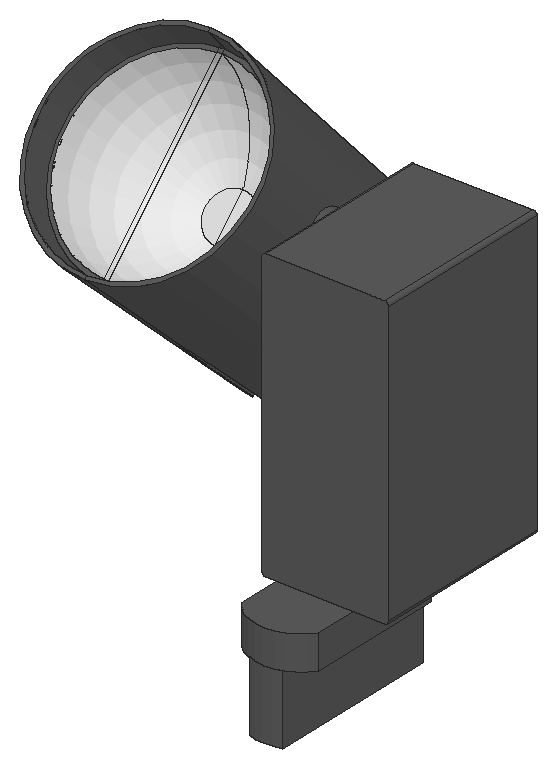
Revit family "0004850 Feilo Sylvania Lighting Fixture START TRACK SPOT S 24W 4K RA80 NB BLACK", category Lighting Fixtures, host Face, Revit 2017
Family settings
  Host = Face
  Round Connector Dimension = Use Diameter
  Part Type = Normal
  OmniClass Number = 23.80.70.00
  OmniClass Title = Lighting
  Cut with Voids When Loaded = No
  Light Source = No
  Shared = No
  Room Calculation Point = No
Parameters (values of type "0004850 START TRACK SPOT S 24W 4K RA80 NB BLACK")
  Weight = "0.966 kg"
  Wattage Comments = ""
  WarrantyStartDate [instance] = "n/a"
  WarrantyGuarantorParts = "n/a"
  WarrantyDurationUnit = "n/a"
  WarrantyDurationParts = "n/a"
  WarrantyDescription = "n/a"
  Voltage = 230 V
  URL = "http://www.sylvania-lighting.com"
  TypeName = "START TRACK SPOT S 24W 4K RA80 NB BLACK"
  TypeHead_FEILO = Start Track Spot Head : 0004850 START TRACK SPOT S 24W 4K RA80 NB BLACK
  TypeBox_FEILO = Start Track Spot Box : Type Small Black
  Type Image = <None>
  Type Comments = "n/a"
  VerticalRotation_FEILO [instance] = 0.00°
  SlideEndAngle_FEILO [instance] = VerticalRotation_FEILO + 180.00°  # 180.00°
  SerialNumber [instance] = "n/a"
  Material_3_FEILO = none
  PowerFactor = 0.95
  PowerConsumption = "24 W"
  NominalLength = 0 mm
  NominalHeight = 200 mm
  NominalDepth = 140 mm
  Name = "START TRACK SPOT S 24W 4K RA80 NB BLACK"
  ModelReference = Name  # "START TRACK SPOT S 24W 4K RA80 NB BLACK"
  ModelNumber = "0004850"
  Model = Name  # "START TRACK SPOT S 24W 4K RA80 NB BLACK"
  Material = "adc12 aluminium housing, polycarbonate diffuser"
  ManufacturerName = "Feilo Sylvania"
  Manufacturer = "Feilo Sylvania"
  LuminousEfficacy = "105 lm/W"
  LuminaireType = ""
  LightOutputRatio = "100"
  LampsType = Lamp  # "LED"
  LampNominalLuminous = "2529 lm"
  LampMacAdamStep = "3"
  LampColourTemperature = "4000 K"
  LampColourRenderingIndex = "80"
  Lamp = "LED"
  Keynote = "16500"
  InstallationDate [instance] = "n/a"
  InputVoltage = "230-240V~"
  InputNominalFrequency = "50/60 Hz"
  IngressProtection = "IP20"
  ImpactProtectionIndex = "IK02"
  IfcExportType = "IfcLightFixtureType"
  IfcExportAs = "IfcLightFixtureType"
  HorizontalRotation_FEILO [instance] = 45.00°
  ExpectedLife = 50000
  ElectricShockClassification = "Class II"
  DurationUnit = "hours"
  DocumentationLiterature = "http://www.sylvania-lighting.com/product/en-int/products/0004850"
  DimmingControlOptions = "Non dimmable"
  Material_2_FEILO = none
  Description = "Integrated LED spotlight, Textured Black - RAL9005, compact and minimalist design, ideal for retail applications, die-cast aluminium body, passive cooling heatsink. Beam angle: 12°, color temperature: 4000K , total system power: 24W, total fixture output: 2529 lm, LOR: 100%, colour rendering: Ra: 80 typical, LED Chromaticity: 3 step MacAdam ellipse, lifetime: >50000 hours at L70B50, energy class: A++, A+, A, IR/UV free light source without heat radiation, operating voltage: 220-240V / 50-60Hz, drive current: 600mA, electronic driver, non-dimmable, power factor: 0.95, electrical protection: Class II, Global Track 3 Phase adapter suitable for Global trac 3-circuit tracks, ingress protection rating: IP20, suitable for internal environment only, horizontal rotation: 355°, vertical tilt: 90°, dimensions: Ø86x140x200, weight: 0.966kg."
  Default Elevation = 1219.2 mm
  CreatedOn = "12/12/2017"
  CreatedBy = ""
  Cost = 0
  built-in parameter 1114216 [instance] = (empty or 0)
  ClassificationValue = "EF_70_80"
  ClassificationName = "Uniclass2015"
  Material_1_FEILO = Body-Sylvania-StartTrackSpot-Black
  BarCode [instance] = "n/a"
  AssetType = "Fixed"
  AssetIdentifier [instance] = "n/a"
  Assembly Code = "D5020200"
  Apparent Load = 24 VA
  Material_4_FEILO = none
Reference planes
  plane 1 "Center (Front/Back)": y = 0
  plane 2: z = 0
  plane 3 "Center (Left/Right)": x = 0
  plane 4: x = 15
  plane 5: x = -15
  plane 6: y = 35
  plane 7: y = -35
  plane 8: z = 13
  plane 9: z = -27
  plane 10: x = 6.5
  plane 11: x = -6.5
  plane 12: y = 27
  plane 13: y = -27
  plane 14: y = 20
Forms (mm)
  Extrusion 1, solid, material "Body-Sylvania-StartTrackSpot-Black" <- "Material_1_FEILO"
    sketch origin (0, 0, 0) x (1, 0, 0) y (0, 1, 0)
      loop
        line (-15, 27) -> (-15, -27)
        arc (-15, -27) -> (0, -35) -> (15, -27) r 18.062
        line (15, -27) -> (15, 27)
        arc (15, 27) -> (0, 35) -> (-15, 27) r 18.062
    from 0 to 13
  Extrusion 2, solid, material "Body-Sylvania-StartTrackSpot-Black" <- "Material_1_FEILO"
    sketch origin (0, 0, 0) x (1, 0, 0) y (0, 1, 0)
      loop
        arc (6.5, 33.79) -> (0, 35) -> (-6.5, 33.79) r 18.062
        line (-6.5, 33.79) -> (-6.5, -33.79)
        arc (-6.5, -33.79) -> (0, -35) -> (6.5, -33.79) r 18.062
        line (6.5, -33.79) -> (6.5, 33.79)
    from 0 to -27
  Revolve 3, solid, not visible
    sketch origin (1524, 20, 1219.2) x (1, 0, 0) y (0, 0, 1)
      loop
        line (-1524, -1206.2) -> (-1524, -1191.285) -> (-1530.5, -1191.285) -> (-1530.5, -1206.2) -> (-1524, -1206.2)
      axis (-1524, -1191.285) -> (-1524, -1206.2)
    angle from 0 <- "VerticalRotation_FEILO" to 180 <- "SlideEndAngle_FEILO"
Cuts and joins
  joined: Extrusion 1, Extrusion 2
Dimensions and locks
  equal spacing: plane 10, plane 3 "Center (Left/Right)", plane 11
  equal spacing: plane 4, plane 3 "Center (Left/Right)", plane 5
  locked: plane 8 to plane 2 at 13
  locked: plane 8 to plane 9 at 40
  equal spacing: plane 13, plane 1 "Center (Front/Back)", plane 12
  locked: plane 12 to plane 6 at 8
  locked: plane 14 to plane 6 at 15
  locked: Revolve 3 sketch curve to plane 8 at 14.915
  aligned and locked: plane 2 to host face
  aligned and locked: level to host face
  aligned and locked: plane 5 to Extrusion 1 sketch curve  (x2)
  aligned and locked: plane 12 to Extrusion 1 sketch curve
  aligned and locked: plane 13 to Extrusion 1 sketch curve
  aligned and locked: plane 4 to Extrusion 1 sketch curve
  aligned and locked: Extrusion 1 to plane 8
  aligned and locked: Extrusion 1 to level
  aligned and locked: Extrusion 2 sketch curve to Extrusion 1  (x2)
  aligned and locked: Extrusion 2 sketch curve to plane 11
  aligned and locked: plane 10 to Extrusion 2 sketch curve
  aligned and locked: plane 9 to Extrusion 2
  aligned and locked: level to Extrusion 2
  aligned and locked: Revolve 3 sketch curve to plane 3 "Center (Left/Right)"  (x2)
  aligned and locked: plane 11 to Revolve 3 sketch curve
  aligned and locked: Revolve 3 sketch curve to plane 8
Automatic sketch dimensions
  host sketch curve to host sketch curve = 2438.4 mm  (x2)
  Extrusion 1 sketch curve to plane 3 "Center (Left/Right)" = 0 mm  (x2)
  Extrusion 1 sketch curve to plane 13 = 10.062 mm
  plane 12 to Extrusion 1 sketch curve = 10.062 mm
  Revolve 3 sketch curve to plane 3 "Center (Left/Right)" = 0 mm
  plane 9 to Revolve 3 sketch curve = 582.6 mm
  Revolve 3 sketch curve to Revolve 3 sketch curve = 2581.144 mm
Nested families
  nested 1: "Start Track Spot Head" at (-62, 20, 112.529) x (0, 0.7071, 0.7071) z (0, 0.7071, -0.7071), type <- "TypeHead_FEILO", type "0004850 START TRACK SPOT S 24W 4K RA80 NB BLACK"
    with built-in parameter 1114216 (empty or 0)
  nested 2: "Start Track Spot Box" at (8.5, 20, 73) x (-1, 0, 0) z (0, -1, 0), BoxStartAngle_FEILO <- "HorizontalRotation_FEILO", type <- "TypeBox_FEILO", type "Type Small Black"
    with BoxStartAngle_FEILO 45.00°, BoxEndAngle_FEILO -135.00°
Connectors
  electrical at (0, 0, 0), driven by "Apparent Load", driven by "PowerFactor", driven by "Voltage"
    settings: index 1, voltage 230 V, apparent load 24 VA, apparent load phase1 0 VA, apparent load phase2 0 VA, apparent load phase3 0 VA, power factor 0.95, load classification "Lighting", number of poles 1, system type 30, power factor state 1, is connector primary yes, connector utility no, sub classification motor no, connector description ""
Definition of nested family "Start Track Spot Head"
  Parameters (values of type "0004811 START TRACK SPOT S 14W 3K RA80 NB WHITE")
    Wattage Comments = "n/a"
    Wattage = 14 W
    built-in parameter 1150110 = 1 (stored number, unit not read)
    URL = "http://www.feilosylvania.com"
    Type Image = (empty or 0)
    Type Comments = "n/a"
    built-in parameter 1114217 = 1 (stored number, unit not read)
    Tilt Angle = -90.00°
    built-in parameter 1150109 = 1 (stored number, unit not read)
    built-in parameter 1150134 = (empty or 0)
    built-in parameter 1150113 = 1 (stored number, unit not read)
    Photometric Web File = "0004811.ies"
    Material_3_FEILO = none
    Model = "START TRACK SPOT S 14W 3K RA80 NB WHITE"
    Manufacturer = "Feilo Sylvania"
    built-in parameter 1150105 = 123.66 (stored number, unit not read)
    Lumens = 1554 lm
    built-in parameter 1150115 = 1 (stored number, unit not read)
    built-in parameter 1150137 = (empty or 0)
    built-in parameter 1150139 = (empty or 0)
    built-in parameter 1150112 = 1 (stored number, unit not read)
    built-in parameter 1150114 = 1 (stored number, unit not read)
    Lamp = "LED"
    Keynote = "16500"
    Material_2_FEILO = none
    built-in parameter 1150132 = (empty or 0)
    built-in parameter 1150102 = (empty or 0)
    built-in parameter 1150107 = 3000 (stored number, unit not read)
    built-in parameter 1150138 = (empty or 0)
    built-in parameter 1150106 = 1.2366 (stored number, unit not read)
    HeadThickness_FEILO = if(HeadDiaOut_FEILO > 112 mm, 2 mm, 1.5 mm)  # 1.5 mm
    HeadRibOffset_FEILO = HeadHeight_FEILO / 28  # 4.179 mm
    HeadRibDepth_FEILO = HeadHeight_FEILO / 2.1  # 55.714 mm
    HeadRibCutWidth_FEILO = HeadDiaOut_FEILO / 12  # 7.167 mm
    HeadRibCutOffset_FEILO = HeadHeight_FEILO / 2.3  # 50.87 mm
    HeadReflectorRadius_FEILO = HeadDiaOut_FEILO / 1.7  # 50.588 mm
    HeadReflectorOffset_FEILO = HeadHeight_FEILO / 2.1  # 55.714 mm
    HeadLEDRadius_FEILO = HeadDiaOut_FEILO / 9  # 9.556 mm
    HeadHeight_FEILO = 117 mm
    HeadDraft_FEILO = 1 mm
    HeadDiffusorThickness_FEILO = 3 mm
    HeadDiffusorOffset_FEILO = HeadHeight_FEILO / 12.4  # 9.435 mm
    HeadDiaOut_FEILO = 86 mm
    HeadDiaIn_FEILO = HeadDiaOut_FEILO / 1.11  # 77.477 mm
    HeadAxisFromTop_FEILO = HeadHeight_FEILO / 1.687  # 69.354 mm
    Emit from Circle Diameter = HeadDiaIn_FEILO  # 77.477 mm
    Emit Shape Visible in Rendering = no
    built-in parameter 1150104 = 10.312 (stored number, unit not read)
    Dimming Lamp Color Temperature Shift = (empty or 0)
    Description = "Integrated LED spotlight, Textured White - RAL9016, compact and minimalist design, ideal for retail applications, die-cast aluminium body, passive cooling heatsink. Beam angle: 12°, color temperature: 3000K , total system power: 14W, total fixture output: 1551 lm, LOR: 100%, colour rendering: Ra: 80 typical, LED Chromaticity: 3 step MacAdam ellipse, lifetime: >50000 hours at L70B50, energy class: A++, A+, A, IR/UV free light source without heat radiation, operating voltage: 220-240V / 50-60Hz, drive current: 350mA, electronic driver, non-dimmable, power factor: 0.92, electrical protection: Class II, Global Track 3 Phase adapter suitable for Global trac 3-circuit tracks, ingress protection rating: IP20, suitable for internal environment only, horizontal rotation: 355°, vertical tilt: 90°, dimensions: Ø86x140x200, weight: 0.940kg."
    Default Elevation = 1219.2 mm
    Cost = 0
    Color Filter = 16777215
    built-in parameter 1114216 [instance] = (empty or 0)
    Material_1_FEILO = none
    built-in parameter 1114218 = 1 (stored number, unit not read)
    built-in parameter 1150133 = 10 (stored number, unit not read)
    Assembly Code = "D5020200"
    Apparent Load = 14 VA
    Material_4_FEILO = none
  Types (96, lengths in mm): name | Wattage | built-in parameter 1150134 | Photometric Web File | Model | built-in parameter 1150105 | Lumens | built-in parameter 1150107 | built-in parameter 1150106 | HeadThickness_FEILO | HeadRibOffset_FEILO | HeadRibDepth_FEILO | HeadRibCutWidth_FEILO | HeadRibCutOffset_FEILO | HeadReflectorRadius_FEILO | HeadReflectorOffset_FEILO | HeadLEDRadius_FEILO | HeadHeight_FEILO | HeadDiffusorOffset_FEILO | HeadDiaOut_FEILO | HeadDiaIn_FEILO | HeadAxisFromTop_FEILO | Emit from Circle Diameter | built-in parameter 1150104 | Description | Apparent Load
    0004906 START TRACK SPOT L 55W 4K RA90 WB BLACK | 55 W | 12 | "0004906.ies" | "START TRACK SPOT L 55W 4K RA90 WB BLACK" | 385.15 (stored number, unit not read) | 4840 lm | 4000 (stored number, unit not read) | 3.8515 (stored number, unit not read) | 2 | 4.429 | 59.048 | 9.417 | 53.913 | 66.471 | 59.048 | 12.556 | 124 | 10 | 113 | 101.802 | 73.503 | 101.802 | 8.1755 (stored number, unit not read) | "Integrated LED spotlight, Textured Black - RAL9005, compact and minimalist design, ideal for retail applications, die-cast aluminium body, passive cooling heatsink. Beam angle: 52°, color temperature: 4000K , total system power: 55W, total fixture output: 4824 lm, LOR: 100%, colour rendering: Ra: 90 typical, LED Chromaticity: 3 step MacAdam ellipse, lifetime: >50000 hours at L70B50, energy class: A++, A+, A, IR/UV free light source without heat radiation, operating voltage: 220-240V / 50-60Hz, drive current: 1400mA, electronic driver, non-dimmable, power factor: 0.96, electrical protection: Class II, Global Track 3 Phase adapter suitable for Global trac 3-circuit tracks, ingress protection rating: IP20, suitable for internal environment only, horizontal rotation: 355°, vertical tilt: 90°, dimensions: Ø113x164x240, weight: 1.398kg." | 55 VA
    0004905 START TRACK SPOT L 55W 4K RA90 MB BLACK | 55 W | 12 | "0004905.ies" | "START TRACK SPOT L 55W 4K RA90 MB BLACK" | 389.53 (stored number, unit not read) | 4895 lm | 4000 (stored number, unit not read) | 3.8953 (stored number, unit not read) | 2 | 4.429 | 59.048 | 9.417 | 53.913 | 66.471 | 59.048 | 12.556 | 124 | 10 | 113 | 101.802 | 73.503 | 101.802 | 8.2684 (stored number, unit not read) | "Integrated LED spotlight, Textured Black - RAL9005, compact and minimalist design, ideal for retail applications, die-cast aluminium body, passive cooling heatsink. Beam angle: 38°, color temperature: 4000K , total system power: 55W, total fixture output: 4897 lm, LOR: 100%, colour rendering: Ra: 90 typical, LED Chromaticity: 3 step MacAdam ellipse, lifetime: >50000 hours at L70B50, energy class: A++, A+, A, IR/UV free light source without heat radiation, operating voltage: 220-240V / 50-60Hz, drive current: 1400mA, electronic driver, non-dimmable, power factor: 0.96, electrical protection: Class II, Global Track 3 Phase adapter suitable for Global trac 3-circuit tracks, ingress protection rating: IP20, suitable for internal environment only, horizontal rotation: 355°, vertical tilt: 90°, dimensions: Ø113x164x240, weight: 1.398kg." | 55 VA
    0004904 START TRACK SPOT L 55W 4K RA90 NB BLACK | 55 W | 12 | "0004904.ies" | "START TRACK SPOT L 55W 4K RA90 NB BLACK" | 393.91 (stored number, unit not read) | 4950 lm | 4000 (stored number, unit not read) | 3.9391 (stored number, unit not read) | 2 | 4.429 | 59.048 | 9.417 | 53.913 | 66.471 | 59.048 | 12.556 | 124 | 10 | 113 | 101.802 | 73.503 | 101.802 | 8.3613 (stored number, unit not read) | "Integrated LED spotlight, Textured Black - RAL9005, compact and minimalist design, ideal for retail applications, die-cast aluminium body, passive cooling heatsink. Beam angle: 15°, color temperature: 4000K , total system power: 55W, total fixture output: 4965 lm, LOR: 100%, colour rendering: Ra: 90 typical, LED Chromaticity: 3 step MacAdam ellipse, lifetime: >50000 hours at L70B50, energy class: A++, A+, A, IR/UV free light source without heat radiation, operating voltage: 220-240V / 50-60Hz, drive current: 1400mA, electronic driver, non-dimmable, power factor: 0.96, electrical protection: Class II, Global Track 3 Phase adapter suitable for Global trac 3-circuit tracks, ingress protection rating: IP20, suitable for internal environment only, horizontal rotation: 355°, vertical tilt: 90°, dimensions: Ø113x164x240, weight: 1.398kg." | 55 VA
    0004903 START TRACK SPOT L 35W 4K RA90 WB BLACK | 35 W | 12 | "0004903.ies" | "START TRACK SPOT L 35W 4K RA90 WB BLACK" | 284.09 (stored number, unit not read) | 3570 lm | 4000 (stored number, unit not read) | 2.8409 (stored number, unit not read) | 2 | 4.429 | 59.048 | 9.417 | 53.913 | 66.471 | 59.048 | 12.556 | 124 | 10 | 113 | 101.802 | 73.503 | 101.802 | 9.4761 (stored number, unit not read) | "Integrated LED spotlight, Textured Black - RAL9005, compact and minimalist design, ideal for retail applications, die-cast aluminium body, passive cooling heatsink. Beam angle: 52°, color temperature: 4000K , total system power: 35W, total fixture output: 3562 lm, LOR: 100%, colour rendering: Ra: 90 typical, LED Chromaticity: 3 step MacAdam ellipse, lifetime: >50000 hours at L70B50, energy class: A++, A+, A, IR/UV free light source without heat radiation, operating voltage: 220-240V / 50-60Hz, drive current: 900mA, electronic driver, non-dimmable, power factor: 0.93, electrical protection: Class II, Global Track 3 Phase adapter suitable for Global trac 3-circuit tracks, ingress protection rating: IP20, suitable for internal environment only, horizontal rotation: 355°, vertical tilt: 90°, dimensions: Ø113x164x240, weight: 1.368kg." | 35 VA
    0004902 START TRACK SPOT L 35W 4K RA90 MB BLACK | 35 W | 12 | "0004902.ies" | "START TRACK SPOT L 35W 4K RA90 MB BLACK" | 286.88 (stored number, unit not read) | 3605 lm | 4000 (stored number, unit not read) | 2.8688 (stored number, unit not read) | 2 | 4.429 | 59.048 | 9.417 | 53.913 | 66.471 | 59.048 | 12.556 | 124 | 10 | 113 | 101.802 | 73.503 | 101.802 | 9.569 (stored number, unit not read) | "Integrated LED spotlight, Textured Black - RAL9005, compact and minimalist design, ideal for retail applications, die-cast aluminium body, passive cooling heatsink. Beam angle: 38°, color temperature: 4000K , total system power: 35W, total fixture output: 3616 lm, LOR: 100%, colour rendering: Ra: 90 typical, LED Chromaticity: 3 step MacAdam ellipse, lifetime: >50000 hours at L70B50, energy class: A++, A+, A, IR/UV free light source without heat radiation, operating voltage: 220-240V / 50-60Hz, drive current: 900mA, electronic driver, non-dimmable, power factor: 0.93, electrical protection: Class II, Global Track 3 Phase adapter suitable for Global trac 3-circuit tracks, ingress protection rating: IP20, suitable for internal environment only, horizontal rotation: 355°, vertical tilt: 90°, dimensions: Ø113x164x240, weight: 1.368kg." | 35 VA
    0004901 START TRACK SPOT L 35W 4K RA90 NB BLACK | 35 W | 12 | "0004901.ies" | "START TRACK SPOT L 35W 4K RA90 NB BLACK" | 286.88 (stored number, unit not read) | 3605 lm | 4000 (stored number, unit not read) | 2.8688 (stored number, unit not read) | 2 | 4.429 | 59.048 | 9.417 | 53.913 | 66.471 | 59.048 | 12.556 | 124 | 10 | 113 | 101.802 | 73.503 | 101.802 | 9.569 (stored number, unit not read) | "Integrated LED spotlight, Textured Black - RAL9005, compact and minimalist design, ideal for retail applications, die-cast aluminium body, passive cooling heatsink. Beam angle: 15°, color temperature: 4000K , total system power: 35W, total fixture output: 3593 lm, LOR: 100%, colour rendering: Ra: 90 typical, LED Chromaticity: 3 step MacAdam ellipse, lifetime: >50000 hours at L70B50, energy class: A++, A+, A, IR/UV free light source without heat radiation, operating voltage: 220-240V / 50-60Hz, drive current: 900mA, electronic driver, non-dimmable, power factor: 0.93, electrical protection: Class II, Global Track 3 Phase adapter suitable for Global trac 3-circuit tracks, ingress protection rating: IP20, suitable for internal environment only, horizontal rotation: 355°, vertical tilt: 90°, dimensions: Ø113x164x240, weight: 1.368kg." | 35 VA
    0004900 START TRACK SPOT S 24W 4K RA90 WB BLACK | 24 W | 12 | "0004900.ies" | "START TRACK SPOT S 24W 4K RA90 WB BLACK" | 166.16 (stored number, unit not read) | 2088 lm | 4000 (stored number, unit not read) | 1.6616 (stored number, unit not read) | 1.5 | 4.179 | 55.714 | 7.167 | 50.87 | 50.588 | 55.714 | 9.556 | 117 | 9.435 | 86 | 77.477 | 69.354 | 77.477 | 8.0826 (stored number, unit not read) | "Integrated LED spotlight, Textured Black - RAL9005, compact and minimalist design, ideal for retail applications, die-cast aluminium body, passive cooling heatsink. Beam angle: 64°, color temperature: 4000K , total system power: 24W, total fixture output: 2087 lm, LOR: 100%, colour rendering: Ra: 90 typical, LED Chromaticity: 3 step MacAdam ellipse, lifetime: >50000 hours at L70B50, energy class: A++, A+, A, IR/UV free light source without heat radiation, operating voltage: 220-240V / 50-60Hz, drive current: 600mA, electronic driver, non-dimmable, power factor: 0.95, electrical protection: Class II, Global Track 3 Phase adapter suitable for Global trac 3-circuit tracks, ingress protection rating: IP20, suitable for internal environment only, horizontal rotation: 355°, vertical tilt: 90°, dimensions: Ø86x140x200, weight: 0.966kg." | 24 VA
    0004899 START TRACK SPOT S 24W 4K RA90 MB BLACK | 24 W | 12 | "0004899.ies" | "START TRACK SPOT S 24W 4K RA90 MB BLACK" | 169.98 (stored number, unit not read) | 2136 lm | 4000 (stored number, unit not read) | 1.6998 (stored number, unit not read) | 1.5 | 4.179 | 55.714 | 7.167 | 50.87 | 50.588 | 55.714 | 9.556 | 117 | 9.435 | 86 | 77.477 | 69.354 | 77.477 | 8.2684 (stored number, unit not read) | "Integrated LED spotlight, Textured Black - RAL9005, compact and minimalist design, ideal for retail applications, die-cast aluminium body, passive cooling heatsink. Beam angle: 36°, color temperature: 4000K , total system power: 24W, total fixture output: 2141 lm, LOR: 100%, colour rendering: Ra: 90 typical, LED Chromaticity: 3 step MacAdam ellipse, lifetime: >50000 hours at L70B50, energy class: A++, A+, A, IR/UV free light source without heat radiation, operating voltage: 220-240V / 50-60Hz, drive current: 600mA, electronic driver, non-dimmable, power factor: 0.95, electrical protection: Class II, Global Track 3 Phase adapter suitable for Global trac 3-circuit tracks, ingress protection rating: IP20, suitable for internal environment only, horizontal rotation: 355°, vertical tilt: 90°, dimensions: Ø86x140x200, weight: 0.966kg." | 24 VA
    0004898 START TRACK SPOT S 24W 4K RA90 NB BLACK | 24 W | 12 | "0004898.ies" | "START TRACK SPOT S 24W 4K RA90 NB BLACK" | 171.89 (stored number, unit not read) | 2160 lm | 4000 (stored number, unit not read) | 1.7189 (stored number, unit not read) | 1.5 | 4.179 | 55.714 | 7.167 | 50.87 | 50.588 | 55.714 | 9.556 | 117 | 9.435 | 86 | 77.477 | 69.354 | 77.477 | 8.3613 (stored number, unit not read) | "Integrated LED spotlight, Textured Black - RAL9005, compact and minimalist design, ideal for retail applications, die-cast aluminium body, passive cooling heatsink. Beam angle: 12°, color temperature: 4000K , total system power: 24W, total fixture output: 2155 lm, LOR: 100%, colour rendering: Ra: 90 typical, LED Chromaticity: 3 step MacAdam ellipse, lifetime: >50000 hours at L70B50, energy class: A++, A+, A, IR/UV free light source without heat radiation, operating voltage: 220-240V / 50-60Hz, drive current: 600mA, electronic driver, non-dimmable, power factor: 0.95, electrical protection: Class II, Global Track 3 Phase adapter suitable for Global trac 3-circuit tracks, ingress protection rating: IP20, suitable for internal environment only, horizontal rotation: 355°, vertical tilt: 90°, dimensions: Ø86x140x200, weight: 0.966kg." | 24 VA
    0004897 START TRACK SPOT S 14W 4K RA90 WB BLACK | 14 W | 12 | "0004897.ies" | "START TRACK SPOT S 14W 4K RA90 WB BLACK" | 108.07 (stored number, unit not read) | 1358 lm | 4000 (stored number, unit not read) | 1.0807 (stored number, unit not read) | 1.5 | 4.179 | 55.714 | 7.167 | 50.87 | 50.588 | 55.714 | 9.556 | 117 | 9.435 | 86 | 77.477 | 69.354 | 77.477 | 9.0116 (stored number, unit not read) | "Integrated LED spotlight, Textured Black - RAL9005, compact and minimalist design, ideal for retail applications, die-cast aluminium body, passive cooling heatsink. Beam angle: 64°, color temperature: 4000K , total system power: 14W, total fixture output: 1352 lm, LOR: 100%, colour rendering: Ra: 90 typical, LED Chromaticity: 3 step MacAdam ellipse, lifetime: >50000 hours at L70B50, energy class: A++, A+, A, IR/UV free light source without heat radiation, operating voltage: 220-240V / 50-60Hz, drive current: 350mA, electronic driver, non-dimmable, power factor: 0.92, electrical protection: Class II, Global Track 3 Phase adapter suitable for Global trac 3-circuit tracks, ingress protection rating: IP20, suitable for internal environment only, horizontal rotation: 355°, vertical tilt: 90°, dimensions: Ø86x140x200, weight: 0.940kg." | 14 VA
    0004896 START TRACK SPOT S 14W 4K RA90 MB BLACK | 14 W | 12 | "0004896.ies" | "START TRACK SPOT S 14W 4K RA90 MB BLACK" | 108.07 (stored number, unit not read) | 1358 lm | 4000 (stored number, unit not read) | 1.0807 (stored number, unit not read) | 1.5 | 4.179 | 55.714 | 7.167 | 50.87 | 50.588 | 55.714 | 9.556 | 117 | 9.435 | 86 | 77.477 | 69.354 | 77.477 | 9.0116 (stored number, unit not read) | "Integrated LED spotlight, Textured Black - RAL9005, compact and minimalist design, ideal for retail applications, die-cast aluminium body, passive cooling heatsink. Beam angle: 36°, color temperature: 4000K , total system power: 14W, total fixture output: 1359 lm, LOR: 100%, colour rendering: Ra: 90 typical, LED Chromaticity: 3 step MacAdam ellipse, lifetime: >50000 hours at L70B50, energy class: A++, A+, A, IR/UV free light source without heat radiation, operating voltage: 220-240V / 50-60Hz, drive current: 350mA, electronic driver, non-dimmable, power factor: 0.92, electrical protection: Class II, Global Track 3 Phase adapter suitable for Global trac 3-circuit tracks, ingress protection rating: IP20, suitable for internal environment only, horizontal rotation: 355°, vertical tilt: 90°, dimensions: Ø86x140x200, weight: 0.940kg." | 14 VA
    0004895 START TRACK SPOT S 14W 4K RA90 NB BLACK | 14 W | 12 | "0004895.ies" | "START TRACK SPOT S 14W 4K RA90 NB BLACK" | 106.95 (stored number, unit not read) | 1344 lm | 4000 (stored number, unit not read) | 1.0695 (stored number, unit not read) | 1.5 | 4.179 | 55.714 | 7.167 | 50.87 | 50.588 | 55.714 | 9.556 | 117 | 9.435 | 86 | 77.477 | 69.354 | 77.477 | 8.9187 (stored number, unit not read) | "Integrated LED spotlight, Textured Black - RAL9005, compact and minimalist design, ideal for retail applications, die-cast aluminium body, passive cooling heatsink. Beam angle: 12°, color temperature: 4000K , total system power: 14W, total fixture output: 1349 lm, LOR: 100%, colour rendering: Ra: 90 typical, LED Chromaticity: 3 step MacAdam ellipse, lifetime: >50000 hours at L70B50, energy class: A++, A+, A, IR/UV free light source without heat radiation, operating voltage: 220-240V / 50-60Hz, drive current: 350mA, electronic driver, non-dimmable, power factor: 0.92, electrical protection: Class II, Global Track 3 Phase adapter suitable for Global trac 3-circuit tracks, ingress protection rating: IP20, suitable for internal environment only, horizontal rotation: 355°, vertical tilt: 90°, dimensions: Ø86x140x200, weight: 0.940kg." | 14 VA
    0004894 START TRACK SPOT L 55W 3K RA90 WB BLACK | 55 W | (empty or 0) | "0004894.ies" | "START TRACK SPOT L 55W 3K RA90 WB BLACK" | 350.14 (stored number, unit not read) | 4400 lm | 3000 (stored number, unit not read) | 3.5014 (stored number, unit not read) | 2 | 4.429 | 59.048 | 9.417 | 53.913 | 66.471 | 59.048 | 12.556 | 124 | 10 | 113 | 101.802 | 73.503 | 101.802 | 7.4322 (stored number, unit not read) | "Integrated LED spotlight, Textured Black - RAL9005, compact and minimalist design, ideal for retail applications, die-cast aluminium body, passive cooling heatsink. Beam angle: 52°, color temperature: 3000K , total system power: 55W, total fixture output: 4405 lm, LOR: 100%, colour rendering: Ra: 90 typical, LED Chromaticity: 3 step MacAdam ellipse, lifetime: >50000 hours at L70B50, energy class: A++, A+, A, IR/UV free light source without heat radiation, operating voltage: 220-240V / 50-60Hz, drive current: 1400mA, electronic driver, non-dimmable, power factor: 0.96, electrical protection: Class II, Global Track 3 Phase adapter suitable for Global trac 3-circuit tracks, ingress protection rating: IP20, suitable for internal environment only, horizontal rotation: 355°, vertical tilt: 90°, dimensions: Ø113x164x240, weight: 1.398kg." | 55 VA
    0004893 START TRACK SPOT L 55W 3K RA90 MB BLACK | 55 W | (empty or 0) | "0004893.ies" | "START TRACK SPOT L 55W 3K RA90 MB BLACK" | 354.52 (stored number, unit not read) | 4455 lm | 3000 (stored number, unit not read) | 3.5452 (stored number, unit not read) | 2 | 4.429 | 59.048 | 9.417 | 53.913 | 66.471 | 59.048 | 12.556 | 124 | 10 | 113 | 101.802 | 73.503 | 101.802 | 7.5251 (stored number, unit not read) | "Integrated LED spotlight, Textured Black - RAL9005, compact and minimalist design, ideal for retail applications, die-cast aluminium body, passive cooling heatsink. Beam angle: 38°, color temperature: 3000K , total system power: 55W, total fixture output: 4448 lm, LOR: 100%, colour rendering: Ra: 90 typical, LED Chromaticity: 3 step MacAdam ellipse, lifetime: >50000 hours at L70B50, energy class: A++, A+, A, IR/UV free light source without heat radiation, operating voltage: 220-240V / 50-60Hz, drive current: 1400mA, electronic driver, non-dimmable, power factor: 0.96, electrical protection: Class II, Global Track 3 Phase adapter suitable for Global trac 3-circuit tracks, ingress protection rating: IP20, suitable for internal environment only, horizontal rotation: 355°, vertical tilt: 90°, dimensions: Ø113x164x240, weight: 1.398kg." | 55 VA
    0004892 START TRACK SPOT L 55W 3K RA90 NB BLACK | 55 W | (empty or 0) | "0004892.ies" | "START TRACK SPOT L 55W 3K RA90 NB BLACK" | 350.14 (stored number, unit not read) | 4400 lm | 3000 (stored number, unit not read) | 3.5014 (stored number, unit not read) | 2 | 4.429 | 59.048 | 9.417 | 53.913 | 66.471 | 59.048 | 12.556 | 124 | 10 | 113 | 101.802 | 73.503 | 101.802 | 7.4322 (stored number, unit not read) | "Integrated LED spotlight, Textured Black - RAL9005, compact and minimalist design, ideal for retail applications, die-cast aluminium body, passive cooling heatsink. Beam angle: 15°, color temperature: 3000K , total system power: 55W, total fixture output: 4416 lm, LOR: 100%, colour rendering: Ra: 90 typical, LED Chromaticity: 3 step MacAdam ellipse, lifetime: >50000 hours at L70B50, energy class: A++, A+, A, IR/UV free light source without heat radiation, operating voltage: 220-240V / 50-60Hz, drive current: 1400mA, electronic driver, non-dimmable, power factor: 0.96, electrical protection: Class II, Global Track 3 Phase adapter suitable for Global trac 3-circuit tracks, ingress protection rating: IP20, suitable for internal environment only, horizontal rotation: 355°, vertical tilt: 90°, dimensions: Ø113x164x240, weight: 1.398kg." | 55 VA
    0004891 START TRACK SPOT L 35W 3K RA90 WB BLACK | 35 W | (empty or 0) | "0004891.ies" | "START TRACK SPOT L 35W 3K RA90 WB BLACK" | 259.02 (stored number, unit not read) | 3255 lm | 3000 (stored number, unit not read) | 2.5902 (stored number, unit not read) | 2 | 4.429 | 59.048 | 9.417 | 53.913 | 66.471 | 59.048 | 12.556 | 124 | 10 | 113 | 101.802 | 73.503 | 101.802 | 8.64 (stored number, unit not read) | "Integrated LED spotlight, Textured Black - RAL9005, compact and minimalist design, ideal for retail applications, die-cast aluminium body, passive cooling heatsink. Beam angle: 52°, color temperature: 3000K , total system power: 35W, total fixture output: 3260 lm, LOR: 100%, colour rendering: Ra: 90 typical, LED Chromaticity: 3 step MacAdam ellipse, lifetime: >50000 hours at L70B50, energy class: A++, A+, A, IR/UV free light source without heat radiation, operating voltage: 220-240V / 50-60Hz, drive current: 900mA, electronic driver, non-dimmable, power factor: 0.93, electrical protection: Class II, Global Track 3 Phase adapter suitable for Global trac 3-circuit tracks, ingress protection rating: IP20, suitable for internal environment only, horizontal rotation: 355°, vertical tilt: 90°, dimensions: Ø113x164x240, weight: 1.368kg." | 35 VA
    0004890 START TRACK SPOT L 35W 3K RA90 MB BLACK | 35 W | (empty or 0) | "0004890.ies" | "START TRACK SPOT L 35W 3K RA90 MB BLACK" | 261.81 (stored number, unit not read) | 3290 lm | 3000 (stored number, unit not read) | 2.6181 (stored number, unit not read) | 2 | 4.429 | 59.048 | 9.417 | 53.913 | 66.471 | 59.048 | 12.556 | 124 | 10 | 113 | 101.802 | 73.503 | 101.802 | 8.7329 (stored number, unit not read) | "Integrated LED spotlight, Textured Black - RAL9005, compact and minimalist design, ideal for retail applications, die-cast aluminium body, passive cooling heatsink. Beam angle: 38°, color temperature: 3000K , total system power: 35W, total fixture output: 3306 lm, LOR: 100%, colour rendering: Ra: 90 typical, LED Chromaticity: 3 step MacAdam ellipse, lifetime: >50000 hours at L70B50, energy class: A++, A+, A, IR/UV free light source without heat radiation, operating voltage: 220-240V / 50-60Hz, drive current: 900mA, electronic driver, non-dimmable, power factor: 0.93, electrical protection: Class II, Global Track 3 Phase adapter suitable for Global trac 3-circuit tracks, ingress protection rating: IP20, suitable for internal environment only, horizontal rotation: 355°, vertical tilt: 90°, dimensions: Ø113x164x240, weight: 1.368kg." | 35 VA
    0004889 START TRACK SPOT L 35W 3K RA90 NB BLACK | 35 W | (empty or 0) | "0004889.ies" | "START TRACK SPOT L 35W 3K RA90 NB BLACK" | 261.81 (stored number, unit not read) | 3290 lm | 3000 (stored number, unit not read) | 2.6181 (stored number, unit not read) | 2 | 4.429 | 59.048 | 9.417 | 53.913 | 66.471 | 59.048 | 12.556 | 124 | 10 | 113 | 101.802 | 73.503 | 101.802 | 8.7329 (stored number, unit not read) | "Integrated LED spotlight, Textured Black - RAL9005, compact and minimalist design, ideal for retail applications, die-cast aluminium body, passive cooling heatsink. Beam angle: 15°, color temperature: 3000K , total system power: 35W, total fixture output: 3287 lm, LOR: 100%, colour rendering: Ra: 90 typical, LED Chromaticity: 3 step MacAdam ellipse, lifetime: >50000 hours at L70B50, energy class: A++, A+, A, IR/UV free light source without heat radiation, operating voltage: 220-240V / 50-60Hz, drive current: 900mA, electronic driver, non-dimmable, power factor: 0.93, electrical protection: Class II, Global Track 3 Phase adapter suitable for Global trac 3-circuit tracks, ingress protection rating: IP20, suitable for internal environment only, horizontal rotation: 355°, vertical tilt: 90°, dimensions: Ø113x164x240, weight: 1.368kg." | 35 VA
    0004888 START TRACK SPOT S 24W 3K RA90 WB BLACK | 24 W | (empty or 0) | "0004888.ies" | "START TRACK SPOT S 24W 3K RA90 WB BLACK" | 152.79 (stored number, unit not read) | 1920 lm | 3000 (stored number, unit not read) | 1.5279 (stored number, unit not read) | 1.5 | 4.179 | 55.714 | 7.167 | 50.87 | 50.588 | 55.714 | 9.556 | 117 | 9.435 | 86 | 77.477 | 69.354 | 77.477 | 7.4322 (stored number, unit not read) | "Integrated LED spotlight, Textured Black - RAL9005, compact and minimalist design, ideal for retail applications, die-cast aluminium body, passive cooling heatsink. Beam angle: 64°, color temperature: 3000K , total system power: 24W, total fixture output: 1928 lm, LOR: 100%, colour rendering: Ra: 90 typical, LED Chromaticity: 3 step MacAdam ellipse, lifetime: >50000 hours at L70B50, energy class: A++, A+, A, IR/UV free light source without heat radiation, operating voltage: 220-240V / 50-60Hz, drive current: 600mA, electronic driver, non-dimmable, power factor: 0.95, electrical protection: Class II, Global Track 3 Phase adapter suitable for Global trac 3-circuit tracks, ingress protection rating: IP20, suitable for internal environment only, horizontal rotation: 355°, vertical tilt: 90°, dimensions: Ø86x140x200, weight: 0.966kg." | 24 VA
    0004887 START TRACK SPOT S 24W 3K RA90 MB BLACK | 24 W | (empty or 0) | "0004887.ies" | "START TRACK SPOT S 24W 3K RA90 MB BLACK" | 154.7 (stored number, unit not read) | 1944 lm | 3000 (stored number, unit not read) | 1.547 (stored number, unit not read) | 1.5 | 4.179 | 55.714 | 7.167 | 50.87 | 50.588 | 55.714 | 9.556 | 117 | 9.435 | 86 | 77.477 | 69.354 | 77.477 | 7.5251 (stored number, unit not read) | "Integrated LED spotlight, Textured Black - RAL9005, compact and minimalist design, ideal for retail applications, die-cast aluminium body, passive cooling heatsink. Beam angle: 36°, color temperature: 3000K , total system power: 24W, total fixture output: 1944 lm, LOR: 100%, colour rendering: Ra: 90 typical, LED Chromaticity: 3 step MacAdam ellipse, lifetime: >50000 hours at L70B50, energy class: A++, A+, A, IR/UV free light source without heat radiation, operating voltage: 220-240V / 50-60Hz, drive current: 600mA, electronic driver, non-dimmable, power factor: 0.95, electrical protection: Class II, Global Track 3 Phase adapter suitable for Global trac 3-circuit tracks, ingress protection rating: IP20, suitable for internal environment only, horizontal rotation: 355°, vertical tilt: 90°, dimensions: Ø86x140x200, weight: 0.966kg." | 24 VA
    0004886 START TRACK SPOT S 24W 3K RA90 NB BLACK | 24 W | (empty or 0) | "0004886.ies" | "START TRACK SPOT S 24W 3K RA90 NB BLACK" | 158.52 (stored number, unit not read) | 1992 lm | 3000 (stored number, unit not read) | 1.5852 (stored number, unit not read) | 1.5 | 4.179 | 55.714 | 7.167 | 50.87 | 50.588 | 55.714 | 9.556 | 117 | 9.435 | 86 | 77.477 | 69.354 | 77.477 | 7.711 (stored number, unit not read) | "Integrated LED spotlight, Textured Black - RAL9005, compact and minimalist design, ideal for retail applications, die-cast aluminium body, passive cooling heatsink. Beam angle: 12°, color temperature: 3000K , total system power: 24W, total fixture output: 1987 lm, LOR: 100%, colour rendering: Ra: 90 typical, LED Chromaticity: 3 step MacAdam ellipse, lifetime: >50000 hours at L70B50, energy class: A++, A+, A, IR/UV free light source without heat radiation, operating voltage: 220-240V / 50-60Hz, drive current: 600mA, electronic driver, non-dimmable, power factor: 0.95, electrical protection: Class II, Global Track 3 Phase adapter suitable for Global trac 3-circuit tracks, ingress protection rating: IP20, suitable for internal environment only, horizontal rotation: 355°, vertical tilt: 90°, dimensions: Ø86x140x200, weight: 0.966kg." | 24 VA
    0004885 START TRACK SPOT S 14W 3K RA90 WB BLACK | 14 W | (empty or 0) | "0004885.ies" | "START TRACK SPOT S 14W 3K RA90 WB BLACK" | 100.27 (stored number, unit not read) | 1260 lm | 3000 (stored number, unit not read) | 1.0027 (stored number, unit not read) | 1.5 | 4.179 | 55.714 | 7.167 | 50.87 | 50.588 | 55.714 | 9.556 | 117 | 9.435 | 86 | 77.477 | 69.354 | 77.477 | 8.3613 (stored number, unit not read) | "Integrated LED spotlight, Textured Black - RAL9005, compact and minimalist design, ideal for retail applications, die-cast aluminium body, passive cooling heatsink. Beam angle: 64°, color temperature: 3000K , total system power: 14W, total fixture output: 1262 lm, LOR: 100%, colour rendering: Ra: 90 typical, LED Chromaticity: 3 step MacAdam ellipse, lifetime: >50000 hours at L70B50, energy class: A++, A+, A, IR/UV free light source without heat radiation, operating voltage: 220-240V / 50-60Hz, drive current: 350mA, electronic driver, non-dimmable, power factor: 0.92, electrical protection: Class II, Global Track 3 Phase adapter suitable for Global trac 3-circuit tracks, ingress protection rating: IP20, suitable for internal environment only, horizontal rotation: 355°, vertical tilt: 90°, dimensions: Ø86x140x200, weight: 0.940kg." | 14 VA
    0004884 START TRACK SPOT S 14W 3K RA90 MB BLACK | 14 W | (empty or 0) | "0004884.ies" | "START TRACK SPOT S 14W 3K RA90 MB BLACK" | 100.27 (stored number, unit not read) | 1260 lm | 3000 (stored number, unit not read) | 1.0027 (stored number, unit not read) | 1.5 | 4.179 | 55.714 | 7.167 | 50.87 | 50.588 | 55.714 | 9.556 | 117 | 9.435 | 86 | 77.477 | 69.354 | 77.477 | 8.3613 (stored number, unit not read) | "Integrated LED spotlight, Textured Black - RAL9005, compact and minimalist design, ideal for retail applications, die-cast aluminium body, passive cooling heatsink. Beam angle: 36°, color temperature: 3000K , total system power: 14W, total fixture output: 1262 lm, LOR: 100%, colour rendering: Ra: 90 typical, LED Chromaticity: 3 step MacAdam ellipse, lifetime: >50000 hours at L70B50, energy class: A++, A+, A, IR/UV free light source without heat radiation, operating voltage: 220-240V / 50-60Hz, drive current: 350mA, electronic driver, non-dimmable, power factor: 0.92, electrical protection: Class II, Global Track 3 Phase adapter suitable for Global trac 3-circuit tracks, ingress protection rating: IP20, suitable for internal environment only, horizontal rotation: 355°, vertical tilt: 90°, dimensions: Ø86x140x200, weight: 0.940kg." | 14 VA
    0004883 START TRACK SPOT S 14W 3K RA90 NB BLACK | 14 W | (empty or 0) | "0004883.ies" | "START TRACK SPOT S 14W 3K RA90 NB BLACK" | 102.5 (stored number, unit not read) | 1288 lm | 3000 (stored number, unit not read) | 1.025 (stored number, unit not read) | 1.5 | 4.179 | 55.714 | 7.167 | 50.87 | 50.588 | 55.714 | 9.556 | 117 | 9.435 | 86 | 77.477 | 69.354 | 77.477 | 8.5471 (stored number, unit not read) | "Integrated LED spotlight, Textured Black - RAL9005, compact and minimalist design, ideal for retail applications, die-cast aluminium body, passive cooling heatsink. Beam angle: 12°, color temperature: 3000K , total system power: 14W, total fixture output: 1284 lm, LOR: 100%, colour rendering: Ra: 90 typical, LED Chromaticity: 3 step MacAdam ellipse, lifetime: >50000 hours at L70B50, energy class: A++, A+, A, IR/UV free light source without heat radiation, operating voltage: 220-240V / 50-60Hz, drive current: 350mA, electronic driver, non-dimmable, power factor: 0.92, electrical protection: Class II, Global Track 3 Phase adapter suitable for Global trac 3-circuit tracks, ingress protection rating: IP20, suitable for internal environment only, horizontal rotation: 355°, vertical tilt: 90°, dimensions: Ø86x140x200, weight: 0.940kg." | 14 VA
    0004882 START TRACK SPOT L 55W 4K RA90 WB WHITE | 55 W | 12 | "0004882.ies" | "START TRACK SPOT L 55W 4K RA90 WB WHITE" | 385.15 (stored number, unit not read) | 4840 lm | 4000 (stored number, unit not read) | 3.8515 (stored number, unit not read) | 2 | 4.429 | 59.048 | 9.417 | 53.913 | 66.471 | 59.048 | 12.556 | 124 | 10 | 113 | 101.802 | 73.503 | 101.802 | 8.1755 (stored number, unit not read) | "Integrated LED spotlight, Textured White - RAL9016, compact and minimalist design, ideal for retail applications, die-cast aluminium body, passive cooling heatsink. Beam angle: 52°, color temperature: 4000K , total system power: 55W, total fixture output: 4824 lm, LOR: 100%, colour rendering: Ra: 90 typical, LED Chromaticity: 3 step MacAdam ellipse, lifetime: >50000 hours at L70B50, energy class: A++, A+, A, IR/UV free light source without heat radiation, operating voltage: 220-240V / 50-60Hz, drive current: 1400mA, electronic driver, non-dimmable, power factor: 0.96, electrical protection: Class II, Global Track 3 Phase adapter suitable for Global trac 3-circuit tracks, ingress protection rating: IP20, suitable for internal environment only, horizontal rotation: 355°, vertical tilt: 90°, dimensions: Ø113x164x240, weight: 1.398kg." | 55 VA
    0004881 START TRACK SPOT L 55W 4K RA90 MB WHITE | 55 W | 12 | "0004881.ies" | "START TRACK SPOT L 55W 4K RA90 MB WHITE" | 389.53 (stored number, unit not read) | 4895 lm | 4000 (stored number, unit not read) | 3.8953 (stored number, unit not read) | 2 | 4.429 | 59.048 | 9.417 | 53.913 | 66.471 | 59.048 | 12.556 | 124 | 10 | 113 | 101.802 | 73.503 | 101.802 | 8.2684 (stored number, unit not read) | "Integrated LED spotlight, Textured White - RAL9016, compact and minimalist design, ideal for retail applications, die-cast aluminium body, passive cooling heatsink. Beam angle: 38°, color temperature: 4000K , total system power: 55W, total fixture output: 4897 lm, LOR: 100%, colour rendering: Ra: 90 typical, LED Chromaticity: 3 step MacAdam ellipse, lifetime: >50000 hours at L70B50, energy class: A++, A+, A, IR/UV free light source without heat radiation, operating voltage: 220-240V / 50-60Hz, drive current: 1400mA, electronic driver, non-dimmable, power factor: 0.96, electrical protection: Class II, Global Track 3 Phase adapter suitable for Global trac 3-circuit tracks, ingress protection rating: IP20, suitable for internal environment only, horizontal rotation: 355°, vertical tilt: 90°, dimensions: Ø113x164x240, weight: 1.398kg." | 55 VA
    0004880 START TRACK SPOT L 55W 4K RA90 NB WHITE | 55 W | 12 | "0004880.ies" | "START TRACK SPOT L 55W 4K RA90 NB WHITE" | 393.91 (stored number, unit not read) | 4950 lm | 4000 (stored number, unit not read) | 3.9391 (stored number, unit not read) | 2 | 4.429 | 59.048 | 9.417 | 53.913 | 66.471 | 59.048 | 12.556 | 124 | 10 | 113 | 101.802 | 73.503 | 101.802 | 8.3613 (stored number, unit not read) | "Integrated LED spotlight, Textured White - RAL9016, compact and minimalist design, ideal for retail applications, die-cast aluminium body, passive cooling heatsink. Beam angle: 15°, color temperature: 4000K , total system power: 55W, total fixture output: 4965 lm, LOR: 100%, colour rendering: Ra: 90 typical, LED Chromaticity: 3 step MacAdam ellipse, lifetime: >50000 hours at L70B50, energy class: A++, A+, A, IR/UV free light source without heat radiation, operating voltage: 220-240V / 50-60Hz, drive current: 1400mA, electronic driver, non-dimmable, power factor: 0.96, electrical protection: Class II, Global Track 3 Phase adapter suitable for Global trac 3-circuit tracks, ingress protection rating: IP20, suitable for internal environment only, horizontal rotation: 355°, vertical tilt: 90°, dimensions: Ø113x164x240, weight: 1.398kg." | 55 VA
    0004879 START TRACK SPOT L 35W 4K RA90 WB WHITE | 35 W | 12 | "0004879.ies" | "START TRACK SPOT L 35W 4K RA90 WB WHITE" | 284.09 (stored number, unit not read) | 3570 lm | 4000 (stored number, unit not read) | 2.8409 (stored number, unit not read) | 2 | 4.429 | 59.048 | 9.417 | 53.913 | 66.471 | 59.048 | 12.556 | 124 | 10 | 113 | 101.802 | 73.503 | 101.802 | 9.4761 (stored number, unit not read) | "Integrated LED spotlight, Textured White - RAL9016, compact and minimalist design, ideal for retail applications, die-cast aluminium body, passive cooling heatsink. Beam angle: 52°, color temperature: 4000K , total system power: 35W, total fixture output: 3562 lm, LOR: 100%, colour rendering: Ra: 90 typical, LED Chromaticity: 3 step MacAdam ellipse, lifetime: >50000 hours at L70B50, energy class: A++, A+, A, IR/UV free light source without heat radiation, operating voltage: 220-240V / 50-60Hz, drive current: 900mA, electronic driver, non-dimmable, power factor: 0.93, electrical protection: Class II, Global Track 3 Phase adapter suitable for Global trac 3-circuit tracks, ingress protection rating: IP20, suitable for internal environment only, horizontal rotation: 355°, vertical tilt: 90°, dimensions: Ø113x164x240, weight: 1.368kg." | 35 VA
    0004878 START TRACK SPOT L 35W 4K RA90 MB WHITE | 35 W | 12 | "0004878.ies" | "START TRACK SPOT L 35W 4K RA90 MB WHITE" | 286.88 (stored number, unit not read) | 3605 lm | 4000 (stored number, unit not read) | 2.8688 (stored number, unit not read) | 2 | 4.429 | 59.048 | 9.417 | 53.913 | 66.471 | 59.048 | 12.556 | 124 | 10 | 113 | 101.802 | 73.503 | 101.802 | 9.569 (stored number, unit not read) | "Integrated LED spotlight, Textured White - RAL9016, compact and minimalist design, ideal for retail applications, die-cast aluminium body, passive cooling heatsink. Beam angle: 38°, color temperature: 4000K , total system power: 35W, total fixture output: 3616 lm, LOR: 100%, colour rendering: Ra: 90 typical, LED Chromaticity: 3 step MacAdam ellipse, lifetime: >50000 hours at L70B50, energy class: A++, A+, A, IR/UV free light source without heat radiation, operating voltage: 220-240V / 50-60Hz, drive current: 900mA, electronic driver, non-dimmable, power factor: 0.93, electrical protection: Class II, Global Track 3 Phase adapter suitable for Global trac 3-circuit tracks, ingress protection rating: IP20, suitable for internal environment only, horizontal rotation: 355°, vertical tilt: 90°, dimensions: Ø113x164x240, weight: 1.368kg." | 35 VA
    0004877 START TRACK SPOT L 35W 4K RA90 NB WHITE | 35 W | 12 | "0004877.ies" | "START TRACK SPOT L 35W 4K RA90 NB WHITE" | 286.88 (stored number, unit not read) | 3605 lm | 4000 (stored number, unit not read) | 2.8688 (stored number, unit not read) | 2 | 4.429 | 59.048 | 9.417 | 53.913 | 66.471 | 59.048 | 12.556 | 124 | 10 | 113 | 101.802 | 73.503 | 101.802 | 9.569 (stored number, unit not read) | "Integrated LED spotlight, Textured White - RAL9016, compact and minimalist design, ideal for retail applications, die-cast aluminium body, passive cooling heatsink. Beam angle: 15°, color temperature: 4000K , total system power: 35W, total fixture output: 3593 lm, LOR: 100%, colour rendering: Ra: 90 typical, LED Chromaticity: 3 step MacAdam ellipse, lifetime: >50000 hours at L70B50, energy class: A++, A+, A, IR/UV free light source without heat radiation, operating voltage: 220-240V / 50-60Hz, drive current: 900mA, electronic driver, non-dimmable, power factor: 0.93, electrical protection: Class II, Global Track 3 Phase adapter suitable for Global trac 3-circuit tracks, ingress protection rating: IP20, suitable for internal environment only, horizontal rotation: 355°, vertical tilt: 90°, dimensions: Ø113x164x240, weight: 1.368kg." | 35 VA
    0004876 START TRACK SPOT S 24W 4K RA90 WB WHITE | 24 W | 12 | "0004876.ies" | "START TRACK SPOT S 24W 4K RA90 WB WHITE" | 166.16 (stored number, unit not read) | 2088 lm | 4000 (stored number, unit not read) | 1.6616 (stored number, unit not read) | 1.5 | 4.179 | 55.714 | 7.167 | 50.87 | 50.588 | 55.714 | 9.556 | 117 | 9.435 | 86 | 77.477 | 69.354 | 77.477 | 8.0826 (stored number, unit not read) | "Integrated LED spotlight, Textured White - RAL9016, compact and minimalist design, ideal for retail applications, die-cast aluminium body, passive cooling heatsink. Beam angle: 64°, color temperature: 4000K , total system power: 24W, total fixture output: 2087 lm, LOR: 100%, colour rendering: Ra: 90 typical, LED Chromaticity: 3 step MacAdam ellipse, lifetime: >50000 hours at L70B50, energy class: A++, A+, A, IR/UV free light source without heat radiation, operating voltage: 220-240V / 50-60Hz, drive current: 600mA, electronic driver, non-dimmable, power factor: 0.95, electrical protection: Class II, Global Track 3 Phase adapter suitable for Global trac 3-circuit tracks, ingress protection rating: IP20, suitable for internal environment only, horizontal rotation: 355°, vertical tilt: 90°, dimensions: Ø86x140x200, weight: 0.966kg." | 24 VA
    0004875 START TRACK SPOT S 24W 4K RA90 MB WHITE | 24 W | 12 | "0004875.ies" | "START TRACK SPOT S 24W 4K RA90 MB WHITE" | 169.98 (stored number, unit not read) | 2136 lm | 4000 (stored number, unit not read) | 1.6998 (stored number, unit not read) | 1.5 | 4.179 | 55.714 | 7.167 | 50.87 | 50.588 | 55.714 | 9.556 | 117 | 9.435 | 86 | 77.477 | 69.354 | 77.477 | 8.2684 (stored number, unit not read) | "Integrated LED spotlight, Textured White - RAL9016, compact and minimalist design, ideal for retail applications, die-cast aluminium body, passive cooling heatsink. Beam angle: 36°, color temperature: 4000K , total system power: 24W, total fixture output: 2141 lm, LOR: 100%, colour rendering: Ra: 90 typical, LED Chromaticity: 3 step MacAdam ellipse, lifetime: >50000 hours at L70B50, energy class: A++, A+, A, IR/UV free light source without heat radiation, operating voltage: 220-240V / 50-60Hz, drive current: 600mA, electronic driver, non-dimmable, power factor: 0.95, electrical protection: Class II, Global Track 3 Phase adapter suitable for Global trac 3-circuit tracks, ingress protection rating: IP20, suitable for internal environment only, horizontal rotation: 355°, vertical tilt: 90°, dimensions: Ø86x140x200, weight: 0.966kg." | 24 VA
    0004874 START TRACK SPOT S 24W 4K RA90 NB WHITE | 24 W | 12 | "0004874.ies" | "START TRACK SPOT S 24W 4K RA90 NB WHITE" | 171.89 (stored number, unit not read) | 2160 lm | 4000 (stored number, unit not read) | 1.7189 (stored number, unit not read) | 1.5 | 4.179 | 55.714 | 7.167 | 50.87 | 50.588 | 55.714 | 9.556 | 117 | 9.435 | 86 | 77.477 | 69.354 | 77.477 | 8.3613 (stored number, unit not read) | "Integrated LED spotlight, Textured White - RAL9016, compact and minimalist design, ideal for retail applications, die-cast aluminium body, passive cooling heatsink. Beam angle: 12°, color temperature: 4000K , total system power: 24W, total fixture output: 2155 lm, LOR: 100%, colour rendering: Ra: 90 typical, LED Chromaticity: 3 step MacAdam ellipse, lifetime: >50000 hours at L70B50, energy class: A++, A+, A, IR/UV free light source without heat radiation, operating voltage: 220-240V / 50-60Hz, drive current: 600mA, electronic driver, non-dimmable, power factor: 0.95, electrical protection: Class II, Global Track 3 Phase adapter suitable for Global trac 3-circuit tracks, ingress protection rating: IP20, suitable for internal environment only, horizontal rotation: 355°, vertical tilt: 90°, dimensions: Ø86x140x200, weight: 0.966kg." | 24 VA
    0004873 START TRACK SPOT S 14W 4K RA90 WB WHITE | 14 W | 12 | "0004873.ies" | "START TRACK SPOT S 14W 4K RA90 WB WHITE" | 108.07 (stored number, unit not read) | 1358 lm | 4000 (stored number, unit not read) | 1.0807 (stored number, unit not read) | 1.5 | 4.179 | 55.714 | 7.167 | 50.87 | 50.588 | 55.714 | 9.556 | 117 | 9.435 | 86 | 77.477 | 69.354 | 77.477 | 9.0116 (stored number, unit not read) | "Integrated LED spotlight, Textured White - RAL9016, compact and minimalist design, ideal for retail applications, die-cast aluminium body, passive cooling heatsink. Beam angle: 64°, color temperature: 4000K , total system power: 14W, total fixture output: 1352 lm, LOR: 100%, colour rendering: Ra: 90 typical, LED Chromaticity: 3 step MacAdam ellipse, lifetime: >50000 hours at L70B50, energy class: A++, A+, A, IR/UV free light source without heat radiation, operating voltage: 220-240V / 50-60Hz, drive current: 350mA, electronic driver, non-dimmable, power factor: 0.92, electrical protection: Class II, Global Track 3 Phase adapter suitable for Global trac 3-circuit tracks, ingress protection rating: IP20, suitable for internal environment only, horizontal rotation: 355°, vertical tilt: 90°, dimensions: Ø86x140x200, weight: 0.940kg." | 14 VA
    0004872 START TRACK SPOT S 14W 4K RA90 MB WHITE | 14 W | 12 | "0004872.ies" | "START TRACK SPOT S 14W 4K RA90 MB WHITE" | 108.07 (stored number, unit not read) | 1358 lm | 4000 (stored number, unit not read) | 1.0807 (stored number, unit not read) | 1.5 | 4.179 | 55.714 | 7.167 | 50.87 | 50.588 | 55.714 | 9.556 | 117 | 9.435 | 86 | 77.477 | 69.354 | 77.477 | 9.0116 (stored number, unit not read) | "Integrated LED spotlight, Textured White - RAL9016, compact and minimalist design, ideal for retail applications, die-cast aluminium body, passive cooling heatsink. Beam angle: 36°, color temperature: 4000K , total system power: 14W, total fixture output: 1359 lm, LOR: 100%, colour rendering: Ra: 90 typical, LED Chromaticity: 3 step MacAdam ellipse, lifetime: >50000 hours at L70B50, energy class: A++, A+, A, IR/UV free light source without heat radiation, operating voltage: 220-240V / 50-60Hz, drive current: 350mA, electronic driver, non-dimmable, power factor: 0.92, electrical protection: Class II, Global Track 3 Phase adapter suitable for Global trac 3-circuit tracks, ingress protection rating: IP20, suitable for internal environment only, horizontal rotation: 355°, vertical tilt: 90°, dimensions: Ø86x140x200, weight: 0.940kg." | 14 VA
    0004871 START TRACK SPOT S 14W 4K RA90 NB WHITE | 14 W | 12 | "0004871.ies" | "START TRACK SPOT S 14W 4K RA90 NB WHITE" | 106.95 (stored number, unit not read) | 1344 lm | 4000 (stored number, unit not read) | 1.0695 (stored number, unit not read) | 1.5 | 4.179 | 55.714 | 7.167 | 50.87 | 50.588 | 55.714 | 9.556 | 117 | 9.435 | 86 | 77.477 | 69.354 | 77.477 | 8.9187 (stored number, unit not read) | "Integrated LED spotlight, Textured White - RAL9016, compact and minimalist design, ideal for retail applications, die-cast aluminium body, passive cooling heatsink. Beam angle: 12°, color temperature: 4000K , total system power: 14W, total fixture output: 1349 lm, LOR: 100%, colour rendering: Ra: 90 typical, LED Chromaticity: 3 step MacAdam ellipse, lifetime: >50000 hours at L70B50, energy class: A++, A+, A, IR/UV free light source without heat radiation, operating voltage: 220-240V / 50-60Hz, drive current: 350mA, electronic driver, non-dimmable, power factor: 0.92, electrical protection: Class II, Global Track 3 Phase adapter suitable for Global trac 3-circuit tracks, ingress protection rating: IP20, suitable for internal environment only, horizontal rotation: 355°, vertical tilt: 90°, dimensions: Ø86x140x200, weight: 0.940kg." | 14 VA
    0004870 START TRACK SPOT L 55W 3K RA90 WB WHITE | 55 W | (empty or 0) | "0004870.ies" | "START TRACK SPOT L 55W 3K RA90 WB WHITE" | 350.14 (stored number, unit not read) | 4400 lm | 3000 (stored number, unit not read) | 3.5014 (stored number, unit not read) | 2 | 4.429 | 59.048 | 9.417 | 53.913 | 66.471 | 59.048 | 12.556 | 124 | 10 | 113 | 101.802 | 73.503 | 101.802 | 7.4322 (stored number, unit not read) | "Integrated LED spotlight, Textured White - RAL9016, compact and minimalist design, ideal for retail applications, die-cast aluminium body, passive cooling heatsink. Beam angle: 52°, color temperature: 3000K , total system power: 55W, total fixture output: 4405 lm, LOR: 100%, colour rendering: Ra: 90 typical, LED Chromaticity: 3 step MacAdam ellipse, lifetime: >50000 hours at L70B50, energy class: A++, A+, A, IR/UV free light source without heat radiation, operating voltage: 220-240V / 50-60Hz, drive current: 1400mA, electronic driver, non-dimmable, power factor: 0.96, electrical protection: Class II, Global Track 3 Phase adapter suitable for Global trac 3-circuit tracks, ingress protection rating: IP20, suitable for internal environment only, horizontal rotation: 355°, vertical tilt: 90°, dimensions: Ø113x164x240, weight: 1.398kg." | 55 VA
    0004869 START TRACK SPOT L 55W 3K RA90 MB WHITE | 55 W | (empty or 0) | "0004869.ies" | "START TRACK SPOT L 55W 3K RA90 MB WHITE" | 354.52 (stored number, unit not read) | 4455 lm | 3000 (stored number, unit not read) | 3.5452 (stored number, unit not read) | 2 | 4.429 | 59.048 | 9.417 | 53.913 | 66.471 | 59.048 | 12.556 | 124 | 10 | 113 | 101.802 | 73.503 | 101.802 | 7.5251 (stored number, unit not read) | "Integrated LED spotlight, Textured White - RAL9016, compact and minimalist design, ideal for retail applications, die-cast aluminium body, passive cooling heatsink. Beam angle: 38°, color temperature: 3000K , total system power: 55W, total fixture output: 4448 lm, LOR: 100%, colour rendering: Ra: 90 typical, LED Chromaticity: 3 step MacAdam ellipse, lifetime: >50000 hours at L70B50, energy class: A++, A+, A, IR/UV free light source without heat radiation, operating voltage: 220-240V / 50-60Hz, drive current: 1400mA, electronic driver, non-dimmable, power factor: 0.96, electrical protection: Class II, Global Track 3 Phase adapter suitable for Global trac 3-circuit tracks, ingress protection rating: IP20, suitable for internal environment only, horizontal rotation: 355°, vertical tilt: 90°, dimensions: Ø113x164x240, weight: 1.398kg." | 55 VA
    0004868 START TRACK SPOT L 55W 3K RA90 NB WHITE | 55 W | (empty or 0) | "0004868.ies" | "START TRACK SPOT L 55W 3K RA90 NB WHITE" | 350.14 (stored number, unit not read) | 4400 lm | 3000 (stored number, unit not read) | 3.5014 (stored number, unit not read) | 2 | 4.429 | 59.048 | 9.417 | 53.913 | 66.471 | 59.048 | 12.556 | 124 | 10 | 113 | 101.802 | 73.503 | 101.802 | 7.4322 (stored number, unit not read) | "Integrated LED spotlight, Textured White - RAL9016, compact and minimalist design, ideal for retail applications, die-cast aluminium body, passive cooling heatsink. Beam angle: 15°, color temperature: 3000K , total system power: 55W, total fixture output: 4416 lm, LOR: 100%, colour rendering: Ra: 90 typical, LED Chromaticity: 3 step MacAdam ellipse, lifetime: >50000 hours at L70B50, energy class: A++, A+, A, IR/UV free light source without heat radiation, operating voltage: 220-240V / 50-60Hz, drive current: 1400mA, electronic driver, non-dimmable, power factor: 0.96, electrical protection: Class II, Global Track 3 Phase adapter suitable for Global trac 3-circuit tracks, ingress protection rating: IP20, suitable for internal environment only, horizontal rotation: 355°, vertical tilt: 90°, dimensions: Ø113x164x240, weight: 1.398kg." | 55 VA
    0004867 START TRACK SPOT L 35W 3K RA90 WB WHITE | 35 W | (empty or 0) | "0004867.ies" | "START TRACK SPOT L 35W 3K RA90 WB WHITE" | 259.02 (stored number, unit not read) | 3255 lm | 3000 (stored number, unit not read) | 2.5902 (stored number, unit not read) | 2 | 4.429 | 59.048 | 9.417 | 53.913 | 66.471 | 59.048 | 12.556 | 124 | 10 | 113 | 101.802 | 73.503 | 101.802 | 8.64 (stored number, unit not read) | "Integrated LED spotlight, Textured White - RAL9016, compact and minimalist design, ideal for retail applications, die-cast aluminium body, passive cooling heatsink. Beam angle: 52°, color temperature: 3000K , total system power: 35W, total fixture output: 3260 lm, LOR: 100%, colour rendering: Ra: 90 typical, LED Chromaticity: 3 step MacAdam ellipse, lifetime: >50000 hours at L70B50, energy class: A++, A+, A, IR/UV free light source without heat radiation, operating voltage: 220-240V / 50-60Hz, drive current: 900mA, electronic driver, non-dimmable, power factor: 0.93, electrical protection: Class II, Global Track 3 Phase adapter suitable for Global trac 3-circuit tracks, ingress protection rating: IP20, suitable for internal environment only, horizontal rotation: 355°, vertical tilt: 90°, dimensions: Ø113x164x240, weight: 1.368kg." | 35 VA
    0004866 START TRACK SPOT L 35W 3K RA90 MB WHITE | 35 W | (empty or 0) | "0004866.ies" | "START TRACK SPOT L 35W 3K RA90 MB WHITE" | 261.81 (stored number, unit not read) | 3290 lm | 3000 (stored number, unit not read) | 2.6181 (stored number, unit not read) | 2 | 4.429 | 59.048 | 9.417 | 53.913 | 66.471 | 59.048 | 12.556 | 124 | 10 | 113 | 101.802 | 73.503 | 101.802 | 8.7329 (stored number, unit not read) | "Integrated LED spotlight, Textured White - RAL9016, compact and minimalist design, ideal for retail applications, die-cast aluminium body, passive cooling heatsink. Beam angle: 38°, color temperature: 3000K , total system power: 35W, total fixture output: 3306 lm, LOR: 100%, colour rendering: Ra: 90 typical, LED Chromaticity: 3 step MacAdam ellipse, lifetime: >50000 hours at L70B50, energy class: A++, A+, A, IR/UV free light source without heat radiation, operating voltage: 220-240V / 50-60Hz, drive current: 900mA, electronic driver, non-dimmable, power factor: 0.93, electrical protection: Class II, Global Track 3 Phase adapter suitable for Global trac 3-circuit tracks, ingress protection rating: IP20, suitable for internal environment only, horizontal rotation: 355°, vertical tilt: 90°, dimensions: Ø113x164x240, weight: 1.368kg." | 35 VA
    0004865 START TRACK SPOT L 35W 3K RA90 NB WHITE | 35 W | (empty or 0) | "0004865.ies" | "START TRACK SPOT L 35W 3K RA90 NB WHITE" | 261.81 (stored number, unit not read) | 3290 lm | 3000 (stored number, unit not read) | 2.6181 (stored number, unit not read) | 2 | 4.429 | 59.048 | 9.417 | 53.913 | 66.471 | 59.048 | 12.556 | 124 | 10 | 113 | 101.802 | 73.503 | 101.802 | 8.7329 (stored number, unit not read) | "Integrated LED spotlight, Textured White - RAL9016, compact and minimalist design, ideal for retail applications, die-cast aluminium body, passive cooling heatsink. Beam angle: 15°, color temperature: 3000K , total system power: 35W, total fixture output: 3287 lm, LOR: 100%, colour rendering: Ra: 90 typical, LED Chromaticity: 3 step MacAdam ellipse, lifetime: >50000 hours at L70B50, energy class: A++, A+, A, IR/UV free light source without heat radiation, operating voltage: 220-240V / 50-60Hz, drive current: 900mA, electronic driver, non-dimmable, power factor: 0.93, electrical protection: Class II, Global Track 3 Phase adapter suitable for Global trac 3-circuit tracks, ingress protection rating: IP20, suitable for internal environment only, horizontal rotation: 355°, vertical tilt: 90°, dimensions: Ø113x164x240, weight: 1.368kg." | 35 VA
